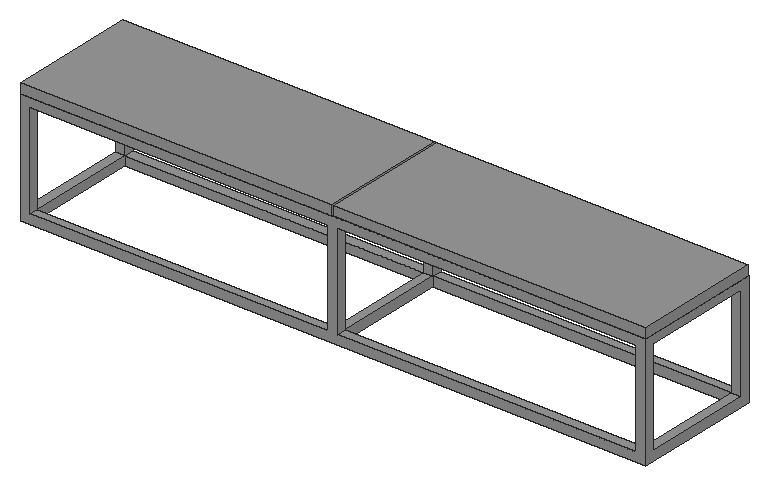
Revit family "СкаСкамейка стальная «Вормс» без спинки Арт 20382", category Антураж, Revit 2018
Family settings
  На основе рабочей плоскости = Нет
  Всегда вертикально = Да
  При загрузке вырезать с полостями = Нет
  Источник визуального образа = Геометрия семейства
  Общий = Нет
  Точка расчета площади = Нет
Parameters (values of type "Скамейка стальная «Вормс» без спинки")
  Ширина = 350 mm  # constant formula
  Цвет опор = Сталь
  Цвет лавки = Дерево
  Описание = "Скамейка стальная «Вормс» без спинки"  # constant formula
  Материал изделия = "Сталь, дерево"  # constant formula
  Изображение типоразмера = Скамейка стальная «Вормс» без спинки Арт 20382.jpg
  Изготовитель = "ООО «Хоббика»"  # constant formula
  Длина = 1700 mm  # constant formula
  Группа модели = "Скамейки"  # constant formula
  Высота = 335 mm  # constant formula
  Артикул товара = "Арт. 20382"  # constant formula
  URL = "https://hobbyka.ru/product/skameyka_v_tenevoy_naves_vorms/"
Reference planes
  plane 1 "По центру (Вперед/Назад)": y = 0
  plane 2: z = 0
  plane 3 "По центру (Влево/Вправо)": x = 0
  plane 4: x = 1700
  plane 5: y = 350
  plane 6: x = 850
  plane 7: x = 25
  plane 8: x = 862.5
  plane 9: x = 837.5
  plane 10: x = 1675
  plane 11: z = 335
  plane 12: x = 847.5
  plane 13: x = 852.5
Forms (mm)
  Extrusion 1, solid, material "Сталь" <- "Цвет опор"
    sketch origin (0, 0, 0) x (0, 1, 0) y (0, 0, 1)
      loop
        line (350, 310) -> (0, 310) -> (0, 0) -> (350, 0) -> (350, 310)
      loop
        line (325, 285) -> (25, 285) -> (25, 25) -> (325, 25) -> (325, 285)
    from 0 to 25
  Extrusion 2, solid, material "Сталь" <- "Цвет опор"
    sketch origin (0, 0, 0) x (0, 1, 0) y (0, 0, 1)
      loop
        line (350, 310) -> (0, 310) -> (0, 0) -> (350, 0) -> (350, 310)
      loop
        line (325, 285) -> (25, 285) -> (25, 25) -> (325, 25) -> (325, 285)
    from 837.5 to 862.5
  Extrusion 3, solid, material "Сталь" <- "Цвет опор"
    sketch origin (0, 0, 0) x (0, 1, 0) y (0, 0, 1)
      loop
        line (350, 310) -> (0, 310) -> (0, 0) -> (350, 0) -> (350, 310)
      loop
        line (325, 285) -> (25, 285) -> (25, 25) -> (325, 25) -> (325, 285)
    from 1675 to 1700
  Extrusion 4, solid, material "Сталь" <- "Цвет опор"
    sketch origin (0, 0, 0) x (0, 1, 0) y (0, 0, 1)
      loop
        line (350, 310) -> (325, 310) -> (325, 285) -> (350, 285) -> (350, 310)
      loop
        line (0, 310) -> (0, 285) -> (25, 285) -> (25, 310) -> (0, 310)
      loop
        line (0, 0) -> (25, 0) -> (25, 25) -> (0, 25) -> (0, 0)
      loop
        line (325, 25) -> (325, 0) -> (350, 0) -> (350, 25) -> (325, 25)
    from 25 to 1675
  Extrusion 5, solid, material "Дерево" <- "Цвет лавки"
    sketch origin (0, 0, 0) x (1, 0, 0) y (0, 1, 0)
      loop
        line (0, 0) -> (847.5, 0) -> (847.5, 350) -> (0, 350) -> (0, 0)
      loop
        line (852.5, 350) -> (852.5, 0) -> (1700, 0) -> (1700, 350) -> (852.5, 350)
    from 310 to 335
Cuts and joins
  joined: Extrusion 1, Extrusion 2, Extrusion 3, Extrusion 4
Dimensions and locks
  equal spacing: plane 3 "По центру (Влево/Вправо)", plane 6, plane 4
  "Длина": plane 3 "По центру (Влево/Вправо)" to plane 4
  "Ширина": plane 5 to plane 1 "По центру (Вперед/Назад)"
  plane 3 "По центру (Влево/Вправо)" to plane 7 = 25 mm
  plane 9 to plane 6 to plane 8 = 12.5 mm locked, 12.5 mm locked
  plane 10 to plane 4 = 25 mm
  "Высота": plane 11 to plane 2
  plane 12 to plane 6 to plane 13 = 2.5 mm locked, 2.5 mm locked
  aligned and locked: level to plane 2
  aligned and locked: plane 7 to Extrusion 1
  aligned and locked: plane 8 to Extrusion 2
  aligned and locked: Extrusion 2 to plane 9
  aligned and locked: plane 4 to Extrusion 3
  aligned and locked: Extrusion 3 to plane 10
  aligned and locked: Extrusion 4 to plane 7
  aligned and locked: plane 10 to Extrusion 4
  aligned and locked: Extrusion 5 sketch curve to plane 12
  aligned and locked: plane 5 to Extrusion 5 sketch curve
  aligned and locked: Extrusion 5 sketch curve to plane 3 "По центру (Влево/Вправо)"
  aligned and locked: plane 1 "По центру (Вперед/Назад)" to Extrusion 5 sketch curve
  aligned and locked: Extrusion 5 sketch curve to plane 13
  aligned and locked: Extrusion 5 sketch curve to cut or joined group of Extrusion 1, Extrusion 2, Extrusion 3, Extrusion 4  (x2)
  aligned and locked: Extrusion 5 sketch curve to plane 5
Automatic sketch dimensions
  Extrusion 1 sketch curve to plane 1 "По центру (Вперед/Назад)" = 0 mm
  Extrusion 1 sketch curve to plane 5 = 0 mm
  Extrusion 1 sketch curve to level = 0 mm
  Extrusion 1 sketch curve to plane 1 "По центру (Вперед/Назад)" = 25 mm
  Extrusion 1 sketch curve to plane 5 = 25 mm
  level to Extrusion 1 sketch curve = 25 mm
  Extrusion 1 sketch curve to plane 11 = 50 mm
  Extrusion 1 sketch curve to plane 11 = 25 mm
  Extrusion 2 sketch curve to plane 1 "По центру (Вперед/Назад)" = 0 mm
  Extrusion 2 sketch curve to plane 5 = 0 mm
  Extrusion 2 sketch curve to level = 0 mm
  Extrusion 2 sketch curve to plane 1 "По центру (Вперед/Назад)" = 25 mm
  Extrusion 2 sketch curve to plane 5 = 25 mm
  level to Extrusion 2 sketch curve = 25 mm
  Extrusion 2 sketch curve to plane 11 = 50 mm
  Extrusion 2 sketch curve to plane 11 = 25 mm
  Extrusion 3 sketch curve to plane 1 "По центру (Вперед/Назад)" = 0 mm
  Extrusion 3 sketch curve to plane 5 = 0 mm
  Extrusion 3 sketch curve to level = 0 mm
  Extrusion 3 sketch curve to plane 1 "По центру (Вперед/Назад)" = 25 mm
  Extrusion 3 sketch curve to plane 5 = 25 mm
  level to Extrusion 3 sketch curve = 25 mm
  Extrusion 3 sketch curve to plane 11 = 50 mm
  Extrusion 3 sketch curve to plane 11 = 25 mm
  Extrusion 4 sketch curve to level = 0 mm  (x2)
  Extrusion 4 sketch curve to plane 1 "По центру (Вперед/Назад)" = 0 mm  (x2)
  Extrusion 4 sketch curve to plane 5 = 0 mm  (x2)
  Extrusion 4 sketch curve to plane 1 "По центру (Вперед/Назад)" = 25 mm  (x2)
  Extrusion 4 sketch curve to plane 5 = 25 mm  (x2)
  level to Extrusion 4 sketch curve = 25 mm  (x2)
  Extrusion 4 sketch curve to plane 11 = 50 mm  (x2)
  Extrusion 4 sketch curve to plane 11 = 25 mm  (x2)
